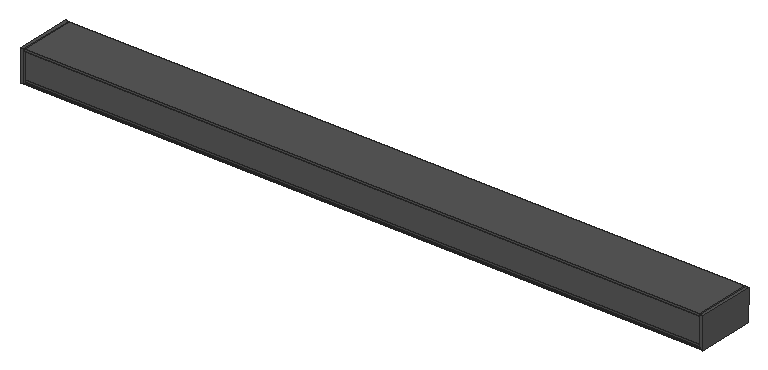
Revit family "EOS2.0-W-DI", category Lighting Fixtures, host Face, Revit 2018
Family settings
  Host = Face
  Round Connector Dimension = Use Diameter
  Part Type = Normal
  Cut with Voids When Loaded = No
  Light Source = Yes
  Shared = Yes
  Room Calculation Point = Yes
Parameters (values of type "4' Direct/ Indirect")
  Wattage = 35.2941 W
  built-in parameter 1150110 = 1 (stored number, unit not read)
  Voltage = 0 V
  built-in parameter 1114217 = 1 (stored number, unit not read)
  built-in parameter 1150109 = 1 (stored number, unit not read)
  built-in parameter 1150134 = 12
  Switch Leg Visibility = no
  Switch Leg [instance] = ""
  built-in parameter 1150113 = 1 (stored number, unit not read)
  Material [instance] = LUX ILLUMINAIRE Black
  built-in parameter 1150105 = 954.93 (stored number, unit not read)
  Lumens = 3000 lm
  built-in parameter 1150115 = 1 (stored number, unit not read)
  Light Source Symbol Size = 2' - 0"
  built-in parameter 1150137 = (empty or 0)
  built-in parameter 1150139 = (empty or 0)
  built-in parameter 1150112 = 1 (stored number, unit not read)
  built-in parameter 1150114 = 1 (stored number, unit not read)
  Lamp = "LED"
  built-in parameter 1150132 = 2
  built-in parameter 1150102 = (empty or 0)
  built-in parameter 1150107 = 4000 (stored number, unit not read)
  built-in parameter 1150138 = (empty or 0)
  built-in parameter 1150106 = 9.5493 (stored number, unit not read)
  Fixture Width = 0' - 2 1/4"  # constant formula
  Fixture Symbol Visiblity = yes
  Fixture Length = 3' - 11.99935"
  Emit from Rectangle Width = Fixture Width - 0' 0 1/4"  # 0' - 2"
  Emit from Rectangle Length = Fixture Length  # 3' - 11.99935"
  Emit Shape Visible in Rendering = yes
  Emergency Lighting [instance] = no
  built-in parameter 1150104 = 7.8968 (stored number, unit not read)
  Dimming Lamp Color Temperature Shift = <None>
  Default Elevation = 7' - 0"
  Color Filter = 16777215
  built-in parameter 1140040 [instance] = 1
  built-in parameter 1114218 = 1 (stored number, unit not read)
  built-in parameter 1150133 = 10 (stored number, unit not read)
  Apparent Load = 25.1 VA
Types (6): name | Wattage | built-in parameter 1150105 | Lumens | built-in parameter 1150106 | Fixture Length | Emit from Rectangle Length | Apparent Load
  3' Direct/ Indirect | 26.4706 W | 716.2 (stored number, unit not read) | 2250 lm | 7.162 (stored number, unit not read) | 3' - 0" | 3' - 0" | 18.8 VA
  4' Direct/ Indirect | 35.2941 W | 954.93 (stored number, unit not read) | 3000 lm | 9.5493 (stored number, unit not read) | 3' - 11.99935" | 3' - 11.99935" | 25.1 VA
  5' Direct/ Indirect | 44.1176 W | 1193.7 (stored number, unit not read) | 3750 lm | 11.937 (stored number, unit not read) | 5' - 0" | 5' - 0" | 31.4 VA
  6' Direct/ Indirect | 52.9412 W | 1432.4 (stored number, unit not read) | 4500 lm | 14.324 (stored number, unit not read) | 6' - 0" | 6' - 0" | 37.7 VA
  7' Direct/ Indirect | 61.7647 W | 1671.1 (stored number, unit not read) | 5250 lm | 16.711 (stored number, unit not read) | 7' - 0" | 7' - 0" | 43.9 VA
  8' Direct/ Indirect | 70.5882 W | 1909.9 (stored number, unit not read) | 6000 lm | 19.099 (stored number, unit not read) | 8' - 0" | 8' - 0" | 50.2 VA
Reference planes (in)
  plane 1 "Center (Front/Back)": y = 0
  plane 2: z = 0
  plane 3 "Center (Left/Right)": x = 0
  plane 4: x = 23.99967
  plane 5: x = -23.99967
  plane 6: z = 1
  plane 7: x = 24.25163
  plane 8: x = -24.25033
  plane 9: z = 2.25
Forms (in)
  Extrusion 1, solid, material "LUX ILLUMINAIRE Black" <- "Material"
    sketch origin (0.0005, 24.09501, 2.10202) x (0.000014, 0, 1) y (0, -1, 0)
      loop
        line (-2.094, 20.08053) -> (0.14798, 20.08053) -> (0.14798, 24.09501) -> (0.06299, 24.09501) -> (0.06299, 23.982) -> (-0.089, 23.99997) -> (-1.85745, 23.99997) -> (-2.00901, 23.982) -> (-2.00901, 24.09501) -> (-2.094, 24.09501) -> (-2.094, 20.08053)
    from -24.00015 to 23.99917
  Extrusion 2, solid, material "LUX ILLUMINAIRE Black" <- "Material"
    sketch origin (0.0005, 24.09501, 2.10202) x (0.000014, 0, 1) y (0, -1, 0)
      loop
        line (-2.094, 24.09501) -> (-2.094, 20.08053) -> (0.14798, 20.08053) -> (0.14798, 24.09501) -> (-2.094, 24.09501)
    from 23.9992 to 24.25113
  Extrusion 3, solid, not visible
    sketch origin (0, 0, 0) x (1, 0, 0) y (0, 1, 0)
      loop
        circle (0.00029, -24) r 0.1875
    from 0 to 1
  Extrusion 4, solid, not visible
    sketch origin (0, 0, 0) x (1, 0, 0) y (0, 1, 0)
      loop
        circle (0.0005, -24) r 0.03125
    from 1 to 13.33203
  Extrusion 5, solid, not visible
    sketch origin (0, 0, 0) x (1, 0, 0) y (0, 1, 0)
      loop
        circle (0.0005, -24) r 0.18729
    from 13.33203 to 14.08203
  Extrusion 6, solid, material "LUX ILLUMINAIRE Black" <- "Material"
    sketch origin (-23.9995, 24.09501, 2.10292) x (0.000014, 0, 1) y (0, 1, 0)
      loop
        line (-2.09431, -24.09501) -> (0.14742, -24.09501) -> (0.14742, -20.08053) -> (-2.09431, -20.08053) -> (-2.09431, -24.09501)
    from 0.00018 to 0.2508
Lines and regions (in)
  symbolic lines, visible <- "Fixture Symbol Visiblity"
    curve 1: line (23.99967, 0, 2.25) -> (-23.99967, 0, 2.25)
    curve 2: line (23.99967, 0, 0.09334) -> (23.99967, 0, 2.25)
    curve 3: line (-23.99967, 0, 0.09334) -> (23.99967, 0, 0.09334)
    curve 4: line (-23.99967, 0, 2.25) -> (-23.99967, 0, 0.09334)
Dimensions and locks (in)
  plane 5 to plane 4 = 3' - 11.99935"
  plane 4 to plane 5 = 3' - 11.99935"
  equal spacing: plane 4, plane 3 "Center (Left/Right)", plane 5
  "Fixture Length": plane 4 to plane 5
  plane 7 to plane 4 = 0' - 0.25196"
  plane 5 to plane 8 = 0' - 0.25065"
  "Fixture Width": plane 9 to level
  aligned and locked: plane 2 to host face
  aligned and locked: level to host face
  aligned and locked: plane 7 to Extrusion 2
  aligned and locked: Extrusion 2 to plane 4
  aligned and locked: plane 4 to Extrusion 1
  aligned and locked: Extrusion 6 to plane 8
  aligned and locked: plane 5 to Extrusion 6
  aligned and locked: Extrusion 1 to plane 5
  aligned and locked: plane 5 to curve 4
  aligned and locked: curve 2 to plane 4
  aligned and locked: plane 4 to nested 2
  aligned and locked: nested 2 to plane 5
  aligned and locked: nested 2 to plane 9
  aligned and locked: curve 1 to plane 9
Automatic sketch dimensions
  host sketch curve to host sketch curve = 8' - 0"  (x2)
  level to curve 3 = 0' - 0.09334"
  Extrusion 6 sketch curve to plane 1 "Center (Front/Back)" = 0' - 4.01447"
  Extrusion 6 sketch curve to Extrusion 6 sketch curve = 0' - 2.24173"
  plane 1 "Center (Front/Back)" to Extrusion 6 sketch curve = 0' - 0"
  Extrusion 1 sketch curve to plane 1 "Center (Front/Back)" = 0' - 4.01447"
  Extrusion 1 sketch curve to Extrusion 1 sketch curve = 0' - 0.08499"
  Extrusion 1 sketch curve to Extrusion 1 sketch curve = 0' - 0.15157"
  Extrusion 1 sketch curve to Extrusion 1 sketch curve = 0' - 1.76845"
  Extrusion 1 sketch curve to Extrusion 1 sketch curve = 0' - 0.15199"
  Extrusion 1 sketch curve to plane 1 "Center (Front/Back)" = 0' - 0.113"  (x2)
  Extrusion 1 sketch curve to Extrusion 1 sketch curve = 0' - 0.01797"
  Extrusion 1 sketch curve to Extrusion 1 sketch curve = 0' - 0.113"  (x2)
  Extrusion 1 sketch curve to Extrusion 1 sketch curve = 0' - 2.24198"
  Extrusion 2 sketch curve to plane 1 "Center (Front/Back)" = 0' - 4.01447"
  Extrusion 2 sketch curve to Extrusion 2 sketch curve = 0' - 2.24198"
  plane 1 "Center (Front/Back)" to Extrusion 2 sketch curve = 0' - 0"
  radius of Extrusion 3 sketch curve = 0' - 0 3/16"
  radius of Extrusion 4 sketch curve = 0' - 0 1/32"
  radius of Extrusion 5 sketch curve = 0' - 0.18729"
Nested families (in)
  nested 1: "Indirect Light Source 1" at (0, -4.60801, -52.94199) x (-1, 0, 0) z (0, 0, 1), type "Indirect Light Source 1"
  nested 2: "Emergency Symbol Rectangle" at (0.00033, 0, -9.8329) x (-1, 0, 0) z (0, -1, 0), visible <- "Emergency Lighting", type "Emergency Symbol Rectangle"
    with Width 0' - 8.6658", Length 3' - 11.99935"
Connectors (in)
  electrical at (0, 4.01447, 1.12901), driven by "Apparent Load", driven by "Voltage"
    settings: on Extrusion 1, index 1, voltage 0 V, apparent load 0 VA, apparent load phase1 25.1 VA, apparent load phase2 0 VA, apparent load phase3 0 VA, power factor 1, load classification "Other", number of poles 1, system type 31, power factor state 1, is connector primary yes, connector utility no, sub classification motor no, connector description ""
Definition of nested family "Indirect Light Source 1"
  Parameters (values of type "Indirect Light Source 1")
    Wattage = 20 W
    built-in parameter 1150110 = 1 (stored number, unit not read)
    built-in parameter 1114217 = 1 (stored number, unit not read)
    built-in parameter 1150109 = 1 (stored number, unit not read)
    built-in parameter 1150134 = (empty or 0)
    built-in parameter 1150113 = 1 (stored number, unit not read)
    Lumens = 1700 lm
    built-in parameter 1150115 = 1 (stored number, unit not read)
    built-in parameter 1150105 = 541.13 (stored number, unit not read)
    Light Source Symbol Size = 2' - 0"
    built-in parameter 1150137 = (empty or 0)
    built-in parameter 1150139 = (empty or 0)
    built-in parameter 1150112 = 1 (stored number, unit not read)
    built-in parameter 1150114 = 1 (stored number, unit not read)
    built-in parameter 1150132 = (empty or 0)
    built-in parameter 1150102 = (empty or 0)
    built-in parameter 1150138 = (empty or 0)
    built-in parameter 1150107 = 3500 (stored number, unit not read)
    built-in parameter 1150106 = 5.4113 (stored number, unit not read)
    Emit from Rectangle Width = 0' - 4 3/16"
    Emit from Rectangle Length = 4' - 0"
    Emit Shape Visible in Rendering = no
    built-in parameter 1150104 = 7.8968 (stored number, unit not read)
    Dimming Lamp Color Temperature Shift = (empty or 0)
    Color Filter = 16777215
    built-in parameter 1114218 = 1 (stored number, unit not read)
    built-in parameter 1150133 = 10 (stored number, unit not read)
  Reference planes (in)
    plane 1 "Light Source Axis (F/B)": y = -8.60801
    plane 2: z = 0
    plane 3 "Light Source Axis (L/R)": x = 0
    plane 4 "Light Source Elevation": z = 54
    plane 5: z = 0
  Dimensions and locks (in)
    aligned and locked: plane 3 "Light Source Axis (L/R)" to imposter light
    aligned and locked: level to plane 5
Definition of nested family "Emergency Symbol Rectangle"
  Parameters (values of type "Emergency Symbol Rectangle")
    Width [instance] = 0' - 8 1/2"
    Length [instance] = 5' - 0"
    Emergency Visibility = no
  Reference planes (in)
    plane 1 "Center (Front/Back)": y = -7.75
    plane 2: z = 0
    plane 3 "Center (Left/Right)": x = -24
    plane 4: x = 24
    plane 5: x = -36
    plane 6: y = -3.5
    plane 7: y = -12
  Lines and regions (in)
    Filled region 1, type "Solid Fill - Black", in view "Ref. Level", detail levels coarse+medium
      outline origin (0, 0.25, 0) x (1, 0, 0) y (0, 1, 0)
        loop
          line (-36, -12.25) -> (24, -12.25) -> (-36, -10.125) -> (-36, -12.25)
  Dimensions and locks (in)
    equal spacing: plane 7, plane 1 "Center (Front/Back)", plane 6
    "Width": plane 7 to plane 6
    "Length": plane 5 to plane 4
    aligned and locked: plane 5 to Filled region 1
  Automatic sketch dimensions
    plane 1 "Center (Front/Back)" to Filled region 1 sketch curve = 0' - 2 1/8"
    Filled region 1 sketch curve to plane 3 "Center (Left/Right)" = 1' - 0"
    Filled region 1 sketch curve to plane 4 = 0' - 0"
    Filled region 1 sketch curve to plane 7 = 0' - 0"
